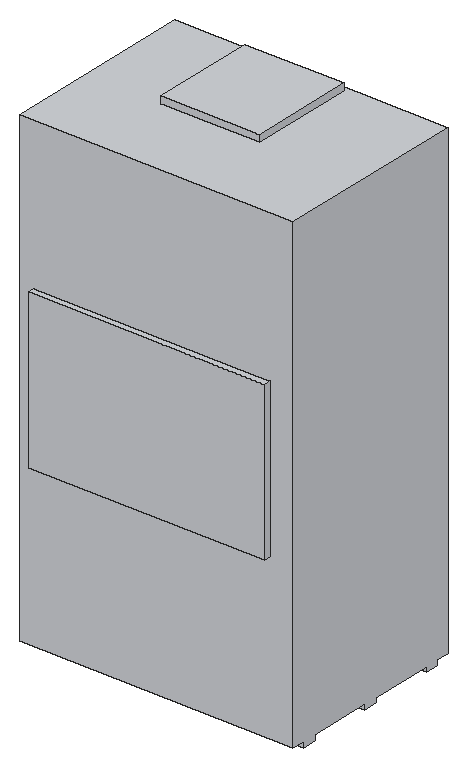
Revit family "M_WSHP - Vertical - 23-35 kW - Retorno frontal - Descarga superior", category Equipamento mecânico, Revit 2019
Family settings
  Cota do conector redondo = Usar raio
  Tipo de parte = Normal
  Número OmniClass = 23.75.10.21.17
  Título OmniClass = Water-Source Heat Pumps
  ID de item do Seek = WSHP - Vertical - 23-35 kW - Front Return - Top Discharge-0000-CAN-ENU
  Com base no plano de trabalho = Não
  Sempre na vertical = Sim
  Corte com vazios quando carregada = Não
  Compartilhado = Não
  Ponto de cálculo do ambiente = Não
Parameters (values of type "23 kW")
  Raio do fornecimento de água = 20 mm
  Diâmetro do fornecimento de água = Raio do fornecimento de água * 2  # 40 mm
  Raio do retorno da água = 20 mm
  Diâmetro do retorno da água = Raio do retorno da água * 2  # 40 mm
  Queda de pressão da água [instance] = 59294.9 Pa
  Fluxo da água [instance] = 1.14 L/s
  Voltagem = 460 V
  Largura do ar de fornecimento = 375 mm
  Altura do ar de fornecimento = 400 mm
  Largura do ar de retorno = 900 mm
  Altura do ar de retorno = 600 mm
  Largura da bomba = 736.6 mm
  Material da bomba = none
  Comprimento da bomba = 1041.4 mm
  Altura da bomba = 1816.1 mm
  Número de pólos = 3
  Classificação de carga = Refrigeração
  Fluxo da drenagem [instance] = 0.0 L/s
  Raio da condensação = 15 mm
  Diâmetro da condensação = Raio da condensação * 2  # 30 mm
  C6 Deslocamento 2 = 53.4 mm
  C6 Deslocamento 1 = 25.4 mm
  C5 Deslocamento 2 = 574.1 mm
  C5 Deslocamento 1 = 78.8 mm
  C4 Deslocamento 1 = 284.5 mm
  C3 Deslocamento 1 = 368.3 mm
  C2 Deslocamento 1 = 101.6 mm
  C1 Deslocamento 2 = 520.7 mm
  C1 Deslocamento 1 = 187.9 mm
  Carga aparente = 6026 VA
  Pressão estática externa [instance] = 248.84 Pa
  Fluxo de ar [instance] = 1227.06 L/s
Types (4, lengths in mm): name | Queda de pressão da água | Fluxo da água | Largura do ar de fornecimento | C4 Deslocamento 1 | Carga aparente | Pressão estática externa | Fluxo de ar
  (no name) | 59294.9 Pa | 1.14 L/s | 375 | 284.5 | 6026 VA | 248.84 Pa | 1227.06 L/s
  23 kW | 59294.9 Pa | 1.14 L/s | 375 | 284.5 | 6026 VA | 248.84 Pa | 1227.06 L/s
  30 kW | 69637.1 Pa | 1.51 L/s | 375 | 284.5 | 8970 VA | 373.26 Pa | 1651.82 L/s
  35 kW | 91700.3 Pa | 1.89 L/s | 475 | 147.3 | 9890 VA | 373.26 Pa | 1982.18 L/s
Reference planes
  plane 1 "Centro (Frente/Trás)": y = 0
  plane 2: z = 0
  plane 3 "Centro (Esquerda/Direita)": x = 0
  plane 4: x = 1041.4
  plane 5: y = 736.6
  plane 6: z = 1816.1
  plane 7: z = 19.05
  plane 8: y = 717.55
  plane 9: y = 317.55
  plane 10: x = 284.5
  plane 11: x = 659.5
  plane 12: z = 1841.5
  plane 13: z = 539.75
  plane 14: y = 101.6
  plane 15: y = 187.9
  plane 16: y = 368.3
  plane 17: z = 72.45
  plane 18: x = 1016
  plane 19: x = -25.4
  plane 20: y = 368.3
  plane 21: y = 685.8
  plane 22: y = 635
  plane 23: y = 50.8
  plane 24: y = 101.6
  plane 25: y = 393.7
  plane 26: y = 342.9
  plane 27: z = 1242
  plane 28: z = 642
  plane 29: x = 53.4
  plane 30: x = 953.4
  plane 31: y = -25.4
Forms (mm)
  Extrusion 1, solid, material <- "Material da bomba"
    sketch origin (0, 0, 0) x (1, 0, 0) y (0, 1, 0)
      loop
        line (0, 736.6) -> (0, 0) -> (1041.4, 0) -> (1041.4, 736.6) -> (0, 736.6)
    from 19.05 to 1816.1
  Extrusion 2, solid, material <- "Material da bomba"
    sketch origin (0, 0, 0) x (1, 0, 0) y (0, 1, 0)
      loop
        line (284.5, 717.55) -> (284.5, 317.55) -> (659.5, 317.55) -> (659.5, 717.55) -> (284.5, 717.55)
    from 1816.1 to 1841.5
  Extrusion 3, solid, material <- "Material da bomba"
    sketch origin (0, 0, 0) x (0, 1, 0) y (0, 0, 1)
      loop
        circle (101.6, 539.75) r 20
    from -25.4 to 0
  Extrusion 4, solid, material <- "Material da bomba"
    sketch origin (0, 0, 0) x (0, 1, 0) y (0, 0, 1)
      loop
        circle (187.9, 539.75) r 20
    from -25.4 to 0
  Extrusion 5, solid, material <- "Material da bomba"
    sketch origin (0, 0, 0) x (0, 1, 0) y (0, 0, 1)
      loop
        circle (368.3, 539.75) r 15
    from -25.4 to 0
  Extrusion 6, solid, material <- "Material da bomba"
    sketch origin (0, 0, 0) x (1, 0, 0) y (0, 1, 0)
      loop
        line (0, 50.8) -> (1041.4, 50.8) -> (1041.4, 101.6) -> (0, 101.6) -> (0, 50.8)
    from 0 to 19.05
  Extrusion 7, solid, material <- "Material da bomba"
    sketch origin (0, 0, 0) x (1, 0, 0) y (0, 1, 0)
      loop
        line (0, 685.8) -> (0, 635) -> (1041.4, 635) -> (1041.4, 685.8) -> (0, 685.8)
    from 0 to 19.05
  Extrusion 8, solid, material <- "Material da bomba"
    sketch origin (0, 0, 0) x (1, 0, 0) y (0, 1, 0)
      loop
        line (0, 393.7) -> (0, 342.9) -> (1041.4, 342.9) -> (1041.4, 393.7) -> (0, 393.7)
    from 0 to 19.05
  Extrusion 9, solid, material <- "Material da bomba"
    sketch origin (0, 0, 0) x (1, 0, 0) y (0, 0, 1)
      loop
        circle (1016, 72.45) r 12.7
    from -25.4 to 0
  Extrusion 10, solid, material <- "Material da bomba"
    sketch origin (0, 0, 0) x (1, 0, 0) y (0, 0, 1)
      loop
        line (53.4, 1242) -> (53.4, 642) -> (953.4, 642) -> (953.4, 1242) -> (53.4, 1242)
    from 0 to 25.4
Cuts and joins
  joined: Extrusion 1, Extrusion 2, Extrusion 3, Extrusion 4, Extrusion 5, Extrusion 6, Extrusion 7, Extrusion 8, Extrusion 9, Extrusion 10
Dimensions and locks
  locked: plane 7 to level at 19.05
  "Altura da bomba": plane 6 to level
  "Comprimento da bomba": plane 3 "Centro (Esquerda/Direita)" to plane 4
  "Largura da bomba": plane 5 to plane 1 "Centro (Frente/Trás)"
  locked: plane 5 to plane 8 at 19.05
  "Altura do ar de fornecimento": plane 8 to plane 9
  "C4 Deslocamento 1": plane 3 "Centro (Esquerda/Direita)" to plane 10
  "Largura do ar de fornecimento": plane 10 to plane 11
  locked: plane 12 to plane 6 at 25.4
  "C1 Deslocamento 2": plane 13 to plane 7
  "C2 Deslocamento 1": plane 14 to plane 1 "Centro (Frente/Trás)"
  "C1 Deslocamento 1": plane 15 to plane 1 "Centro (Frente/Trás)"
  "C3 Deslocamento 1": plane 16 to plane 1 "Centro (Frente/Trás)"
  "C6 Deslocamento 2": plane 17 to plane 7
  "C6 Deslocamento 1": plane 18 to plane 4
  locked: plane 19 to plane 3 "Centro (Esquerda/Direita)" at 25.4
  equal spacing: plane 5, plane 20, plane 1 "Centro (Frente/Trás)"
  locked: plane 5 to plane 21 at 50.8
  locked: plane 21 to plane 22 at 50.8
  locked: plane 23 to plane 24 at 50.8
  locked: plane 1 "Centro (Frente/Trás)" to plane 23 at 50.8
  locked: plane 25 to plane 26 at 50.8
  equal spacing: plane 25, plane 20, plane 26
  "C5 Deslocamento 2": plane 6 to plane 27
  "Altura do ar de retorno": plane 27 to plane 28
  "C5 Deslocamento 1": plane 29 to plane 19
  "Largura do ar de retorno": plane 30 to plane 29
  locked: plane 31 to plane 1 "Centro (Frente/Trás)" at 25.4
  "Raio do retorno da água": radius of Extrusion 3 sketch curve
  "Raio do fornecimento de água": radius of Extrusion 4 sketch curve
  "Raio da condensação": radius of Extrusion 5 sketch curve
  aligned and locked: plane 3 "Centro (Esquerda/Direita)" to Extrusion 1 sketch curve
  aligned and locked: Extrusion 1 sketch curve to plane 5
  aligned and locked: plane 1 "Centro (Frente/Trás)" to Extrusion 1 sketch curve
  aligned and locked: Extrusion 1 sketch curve to plane 4
  aligned and locked: Extrusion 1 to plane 7
  aligned and locked: plane 6 to Extrusion 1
  aligned and locked: plane 10 to Extrusion 2 sketch curve
  aligned and locked: Extrusion 2 sketch curve to plane 8
  aligned and locked: plane 9 to Extrusion 2 sketch curve
  aligned and locked: Extrusion 2 sketch curve to plane 11
  aligned and locked: plane 12 to Extrusion 2
  aligned and locked: Extrusion 2 to plane 6
  aligned and locked: plane 13 to Extrusion 3 sketch curve
  aligned and locked: plane 14 to Extrusion 3 sketch curve
  aligned and locked: plane 13 to Extrusion 4 sketch curve
  aligned and locked: plane 15 to Extrusion 4 sketch curve
  aligned and locked: plane 13 to Extrusion 5 sketch curve
  aligned and locked: plane 16 to Extrusion 5 sketch curve
  aligned and locked: Extrusion 3 to plane 19
  aligned and locked: plane 3 "Centro (Esquerda/Direita)" to Extrusion 3
  aligned and locked: Extrusion 4 to Extrusion 3
  aligned and locked: plane 3 "Centro (Esquerda/Direita)" to Extrusion 4
  aligned and locked: Extrusion 5 to Extrusion 3
  aligned and locked: plane 3 "Centro (Esquerda/Direita)" to Extrusion 5
  aligned and locked: plane 3 "Centro (Esquerda/Direita)" to Extrusion 6 sketch curve
  aligned and locked: plane 23 to Extrusion 6 sketch curve
  aligned and locked: plane 14 to Extrusion 6 sketch curve
  aligned and locked: plane 4 to Extrusion 6 sketch curve
  aligned and locked: plane 3 "Centro (Esquerda/Direita)" to Extrusion 7 sketch curve
  aligned and locked: Extrusion 7 sketch curve to plane 21
  aligned and locked: plane 22 to Extrusion 7 sketch curve
  aligned and locked: Extrusion 7 sketch curve to plane 4
  aligned and locked: Extrusion 6 to Extrusion 1
  aligned and locked: Extrusion 6 to level
  aligned and locked: Extrusion 7 to Extrusion 1
  aligned and locked: Extrusion 7 to level
  aligned and locked: plane 3 "Centro (Esquerda/Direita)" to Extrusion 8 sketch curve
  aligned and locked: Extrusion 8 sketch curve to plane 25
  aligned and locked: plane 26 to Extrusion 8 sketch curve
  aligned and locked: Extrusion 8 sketch curve to Extrusion 1
  aligned and locked: Extrusion 8 to Extrusion 1
  aligned and locked: Extrusion 8 to level
  aligned and locked: plane 17 to Extrusion 9 sketch curve
  aligned and locked: plane 18 to Extrusion 9 sketch curve
  aligned and locked: plane 1 "Centro (Frente/Trás)" to Extrusion 9
  aligned and locked: plane 29 to Extrusion 10 sketch curve
  aligned and locked: Extrusion 10 sketch curve to plane 27
  aligned and locked: plane 28 to Extrusion 10 sketch curve
  aligned and locked: Extrusion 10 sketch curve to plane 30
  aligned and locked: Extrusion 10 to plane 31
  aligned and locked: Extrusion 10 to plane 1 "Centro (Frente/Trás)"
Automatic sketch dimensions
  radius of Extrusion 9 sketch curve = 12.7 mm
Connectors
  piping at (-25.4, 187.9, 539.75), diameter 40, driven by "Fluxo da água", driven by "Raio do fornecimento de água"
    settings: on Extrusion 4, index 1, connector inside diameter 40 mm, connector length 0 mm, flow factor 0, pipe flow 1.14 L/s, pressure drop 0.0 Pa, fitting loss kfactor 0, connector angle 0.00°, fixture units 0, engagement length 0 mm, angle of deflection 0.00°, flow configuration 1, flow direction 1, fitting loss method 4, system type 7, joint type 0, gender type 0, connector reference index 2, connector utility 0, adjustable connector no, is connector primary yes, connector description "Entrada do fornecimento de água"
  piping at (-25.4, 101.6, 539.75), diameter 40, driven by "Fluxo da água", driven by "Queda de pressão da água", driven by "Raio do retorno da água"
    settings: on Extrusion 3, index 2, connector inside diameter 40 mm, connector length 0 mm, flow factor 0, pipe flow 1.14 L/s, pressure drop 59294.9 Pa, fitting loss kfactor 0, connector angle 0.00°, fixture units 0, engagement length 0 mm, angle of deflection 0.00°, flow configuration 1, flow direction 2, fitting loss method 4, system type 8, joint type 0, gender type 0, connector reference index 1, connector utility 0, adjustable connector no, is connector primary no, connector description "Saída do retorno da água"
  piping at (-25.4, 368.3, 539.75), diameter 30, driven by "Raio da condensação", driven by "Fluxo da drenagem"
    settings: on Extrusion 5, index 3, connector inside diameter 30 mm, connector length 0 mm, flow factor 0, pipe flow 0.0 L/s, pressure drop 0.0 Pa, fitting loss kfactor 0, connector angle 0.00°, fixture units 0, engagement length 0 mm, angle of deflection 0.00°, flow configuration 1, flow direction 2, fitting loss method 0, system type 16, joint type 0, gender type 0, connector reference index -1, connector utility 0, adjustable connector yes, is connector primary no, connector description "Saída de condensação"
  hvac at (472, 517.55, 1841.5), driven by "Fluxo de ar", driven by "Altura do ar de fornecimento", driven by "Largura do ar de fornecimento"
    settings: on Extrusion 2, index 4, duct flow 1227.06 L/s, flow factor 0, pres drop 0.0 Pa, loss coef 0, conn angle 0.00°, conn width 375 mm, conn height 400 mm, conn diameter 609.6 mm, duct sys type 1, conn prof type 1, flow config 0, flow direction 2, loss method 0, conn ref index 5, conn util no, is conn primary yes, conn desc ""
  hvac at (503.4, -25.4, 942), driven by "Fluxo de ar", driven by "Altura do ar de retorno", driven by "Largura do ar de retorno"
    settings: on Extrusion 10, index 5, duct flow 1227.06 L/s, flow factor 0, pres drop 0.0 Pa, loss coef 0, conn angle 0.00°, conn width 900 mm, conn height 600 mm, conn diameter 609.6 mm, duct sys type 2, conn prof type 1, flow config 0, flow direction 1, loss method 0, conn ref index 4, conn util no, is conn primary no, conn desc ""
  electrical at (1016, 0, 72.43), driven by "Carga aparente", driven by "Voltagem", driven by "Número de pólos", driven by "Classificação de carga"
    settings: on cut or joined group of Extrusion 1, Extrusion 2, Extrusion 3, Extrusion 4, Extrusion 5, Extrusion 6, Extrusion 7, Extrusion 8, Extrusion 9, Extrusion 10, index 6, voltage 460 V, apparent load 6026 VA, apparent load phase1 0 VA, apparent load phase2 0 VA, apparent load phase3 0 VA, power factor 0.8, load classification "Refrigeração", number of poles 3, system type 30, power factor state 1, is connector primary yes, connector utility no, sub classification motor no, connector description ""
